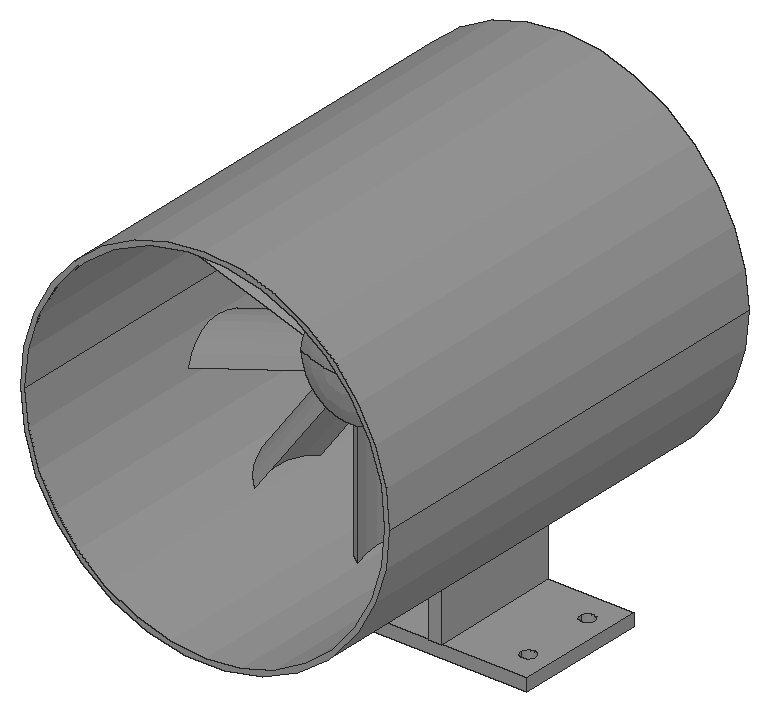
Revit family "Ducto", category Mechanical Equipment, Revit 2021
Family settings
  Round Connector Dimension = Use Diameter
  Classification = None
  Part Type = Normal
  Work Plane-Based = No
  Always vertical = Yes
  Cut with Voids When Loaded = No
  Shared = No
  Room Calculation Point = No
Parameters (values of type "Ducto-U Power Plus 150")
  Width = if(Fastening, K, D)  # 159 mm
  Weight = 1.30 kg
  Sound pressure level at 3 m distance = "41 dBA"
  Length = L  # 181.5 mm
  Height = if(Fastening, H, D)  # 160 mm
  Diameter = D  # 150 mm
  Default Elevation = 0 mm
  Description = "For round channels"  # constant formula
  Fastening = yes
  Manufacturer = "Blauberg"  # constant formula
  L2 = L1 + 12 mm  # 75.75 mm
  N = 54 mm  # constant formula
  L1 = (L - N) / 2  # 63.75 mm
  K2 = K - 18 mm  # 141 mm
  K1 = K / 4  # 39.75 mm
  H2 = H - H1 - 5 mm  # 80 mm
  Dyv = Dy - 5 mm  # 141 mm
  D = 150 mm
  L = 181.5 mm
  Voltage = if(Number of Fase = 3, 400 V, 230 V)  # 230 V
  URL = "https://blaubergventilatoren.de/uploads/download/ducto_2020_05_en.pdf"
  Pressure_Static_Air [instance] = 0.0 m³/h
  Power = 25 W
  Number of Fase = 1
  Maximum Air Flow = 375.0 m³/h
  Maintenance zone material = none
  Load Classification = "HVAC"
  K = 159 mm
  H1 = D / 2  # 75 mm
  H = 160 mm
  Frequency = 50 Hz
  Dy = D - 4 mm  # 146 mm
  Casing Material = Plastic, opaque, white
  Apparent Load = Voltage * Amperage  # 25.3 W
  Amperage = 0.11 A
  Air Flow [instance] = 0.0 m³/h
  09_System_Name [instance] = ""
  00_20_Type = "Ducto-U Power Plus 150"
  00_20_Name = "Axial fans"  # constant formula
  00_20_Manufacturer = "Blauberg"  # constant formula
Types (15, lengths in mm): name | Width | Weight | Sound pressure level at 3 m distance | Length | Height | Diameter | Fastening | L2 | L1 | K2 | K1 | H2 | Dyv | D | L | URL | Power | Maximum Air Flow | K | H1 | H | Dy | Apparent Load | Amperage | 00_20_Type
  (no name) | 159 | 1.30 kg | "41 dBA" | 181.5 | 160 | 150 | yes | 75.75 | 63.75 | 141 | 39.75 | 80 | 141 | 150 | 181.5 | "https://blaubergventilatoren.de/uploads/download/ducto_2020_05_en.pdf" | 25 W | 375.0 m³/h | 159 | 75 | 160 | 146 | 25.3 W | 0.11 A | "Ducto-U Power Plus 150"
  Ducto 100 | 100 | 0.61 kg | "25 dBA" | 137.5 | 100 | 100 | no | 53.75 | 41.75 | 141 | 39.75 | 54 | 91 | 100 | 137.5 | "https://blaubergventilatoren.de/en/series/ducto" | 7.5 W | 110.0 m³/h | 159 | 50 | 109 | 96 | 11.5 W | 0.05 A | "Ducto  100"
  Ducto 125 | 125 | 0.75 kg | "33 dBA" | 161.5 | 125 | 125 | no | 65.75 | 53.75 | 141 | 39.75 | 70.5 | 116 | 125 | 161.5 | "https://blaubergventilatoren.de/en/series/ducto" | 13 W | 215.0 m³/h | 159 | 62.5 | 138 | 121 | 20.7 W | 0.09 A | "Ducto 125"
  Ducto 150 | 150 | 1.30 kg | "39 dBA" | 181.5 | 150 | 150 | no | 75.75 | 63.75 | 141 | 39.75 | 80 | 141 | 150 | 181.5 | "https://blaubergventilatoren.de/en/series/ducto" | 22 W | 340.0 m³/h | 159 | 75 | 160 | 146 | 23 W | 0.1 A | "Ducto 150"
  Ducto-U 150 | 190 | 1.30 kg | "39 dBA" | 181.5 | 160 | 150 | yes | 75.75 | 63.75 | 172 | 47.5 | 80 | 141 | 150 | 181.5 | "https://blaubergventilatoren.de/uploads/download/ducto_2020_05_en.pdf" | 22 W | 340.0 m³/h | 190 | 75 | 160 | 146 | 23 W | 0.1 A | "Ducto-U 150"
  Ducto-U 100 | 160 | 0.61 kg | "25 dBA" | 137.5 | 109 | 100 | yes | 53.75 | 41.75 | 142 | 40 | 54 | 91 | 100 | 137.5 | "https://blaubergventilatoren.de/uploads/download/ducto_2020_05_en.pdf" | 7.5 W | 110.0 m³/h | 160 | 50 | 109 | 96 | 11.5 W | 0.05 A | "Ducto-U 100"
  Ducto-U 125 | 160 | 0.75 kg | "33 dBA" | 161.5 | 138 | 125 | yes | 65.75 | 53.75 | 142 | 40 | 70.5 | 116 | 125 | 161.5 | "https://blaubergventilatoren.de/uploads/download/ducto_2020_05_en.pdf" | 13 W | 215.0 m³/h | 160 | 62.5 | 138 | 121 | 20.7 W | 0.09 A | "Ducto-U 125"
  Ducto Plus 100 | 100 | 0.61 kg | "25 dBA" | 137.5 | 100 | 100 | no | 53.75 | 41.75 | 141 | 39.75 | 54 | 91 | 100 | 137.5 | "https://blaubergventilatoren.de/en/series/ducto" | 7.5 W | 110.0 m³/h | 159 | 50 | 109 | 96 | 11.5 W | 0.05 A | "Ducto Plus 100"
  Ducto Plus 125 | 125 | 0.75 kg | "33 dBA" | 161.5 | 125 | 125 | no | 65.75 | 53.75 | 141 | 39.75 | 70.5 | 116 | 125 | 161.5 | "https://blaubergventilatoren.de/en/series/ducto" | 13 W | 215.0 m³/h | 159 | 62.5 | 138 | 121 | 20.7 W | 0.09 A | "Ducto Plus 125"
  Ducto Plus 150 | 150 | 1.30 kg | "39 dBA" | 181.5 | 150 | 150 | no | 75.75 | 63.75 | 141 | 39.75 | 80 | 141 | 150 | 181.5 | "https://blaubergventilatoren.de/en/series/ducto" | 22 W | 340.0 m³/h | 159 | 75 | 160 | 146 | 23 W | 0.1 A | "Ducto Plus 150"
  Ducto Power Plus 150 | 150 | 1.30 kg | "41 dBA" | 181.5 | 150 | 150 | no | 75.75 | 63.75 | 141 | 39.75 | 80 | 141 | 150 | 181.5 | "https://blaubergventilatoren.de/en/series/ducto" | 25 W | 375.0 m³/h | 159 | 75 | 160 | 146 | 25.3 W | 0.11 A | "Ducto Power Plus 150"
  Ducto-U Plus 100 | 159 | 0.61 kg | "25 dBA" | 137.5 | 109 | 100 | yes | 53.75 | 41.75 | 141 | 39.75 | 54 | 91 | 100 | 137.5 | "https://blaubergventilatoren.de/uploads/download/ducto_2020_05_en.pdf" | 7.5 W | 110.0 m³/h | 159 | 50 | 109 | 96 | 11.5 W | 0.05 A | "Ducto-U Plus 100"
  Ducto-U Plus 125 | 159 | 0.75 kg | "33 dBA" | 161.5 | 138 | 125 | yes | 65.75 | 53.75 | 141 | 39.75 | 70.5 | 116 | 125 | 161.5 | "https://blaubergventilatoren.de/uploads/download/ducto_2020_05_en.pdf" | 13 W | 215.0 m³/h | 159 | 62.5 | 138 | 121 | 20.7 W | 0.09 A | "Ducto-U Plus 125"
  Ducto-U Plus 150 | 159 | 1.30 kg | "39 dBA" | 181.5 | 160 | 150 | yes | 75.75 | 63.75 | 141 | 39.75 | 80 | 141 | 150 | 181.5 | "https://blaubergventilatoren.de/uploads/download/ducto_2020_05_en.pdf" | 22 W | 340.0 m³/h | 159 | 75 | 160 | 146 | 23 W | 0.1 A | "Ducto-U Plus 150"
  Ducto-U Power Plus 150 | 159 | 1.30 kg | "41 dBA" | 181.5 | 160 | 150 | yes | 75.75 | 63.75 | 141 | 39.75 | 80 | 141 | 150 | 181.5 | "https://blaubergventilatoren.de/uploads/download/ducto_2020_05_en.pdf" | 25 W | 375.0 m³/h | 159 | 75 | 160 | 146 | 25.3 W | 0.11 A | "Ducto-U Power Plus 150"
Reference planes
  plane 1 "По центру (Вперед/Назад)": y = 0
  plane 2: z = 0
  plane 3 "По центру (Влево/Вправо)": x = 0
  plane 4: y = 181.5
  plane 5: z = 75
  plane 6: z = -85
Forms (mm)
  Extrusion 1, solid, material "Plastic, opaque, white" <- "Casing Material"
    sketch origin (0, 0, 0) x (1, 0, 0) y (0, 0, 1)
      loop
        circle (0, 0) r 75
      loop
        circle (0, 0) r 73
    from -181.5 to 0
  Extrusion 2, solid, material "Plastic, opaque, white" <- "Casing Material", visible <- "Fastening"
    sketch origin (0, 0, 0) x (1, 0, 0) y (0, 1, 0)
      loop
        line (-79.5, 63.75) -> (79.5, 63.75) -> (79.5, 117.75) -> (-79.5, 117.75) -> (-79.5, 63.75)
    from -80 to -85
  Extrusion 3, solid, material "Plastic, opaque, white" <- "Casing Material", visible <- "Fastening"
    sketch origin (0, 0, 0) x (1, 0, 0) y (0, 0, 1)
      loop
        line (-44.75, -80) -> (-39.75, -80) -> (-39.75, -63.6)
        arc (-39.75, -63.6) -> (-42.284, -61.944) -> (-44.75, -60.187) r 75
        line (-44.75, -60.187) -> (-44.75, -80)
      loop
        line (2.5, -80) -> (2.5, -74.958)
        arc (2.5, -74.958) -> (0, -75) -> (-2.5, -74.958) r 75
        line (-2.5, -74.958) -> (-2.5, -80) -> (2.5, -80)
      loop
        line (44.75, -80) -> (44.75, -60.187)
        arc (44.75, -60.187) -> (42.284, -61.944) -> (39.75, -63.6) r 75
        line (39.75, -63.6) -> (39.75, -80) -> (44.75, -80)
    from -117.75 to -63.75
  Extrusion 4, void
    sketch origin (0, 0, 0) x (1, 0, 0) y (0, 1, 0)
      loop
        circle (-70.5, 105.75) r 3
      loop
        circle (-70.5, 75.75) r 3
      loop
        circle (70.5, 105.75) r 3
      loop
        circle (70.5, 75.75) r 3
    from -80 to -85
Cuts and joins
  Extrusion 4 cuts Extrusion 2
Dimensions and locks
  "L": plane 1 "По центру (Вперед/Назад)" to Extrusion 1
  "L": plane 1 "По центру (Вперед/Назад)" to plane 4
  equal spacing: plane 1 "По центру (Вперед/Назад)", nested 1, plane 4
  "N": Extrusion 2 sketch curve to Extrusion 2 sketch curve
  equal spacing: Extrusion 2 sketch curve, plane 3 "По центру (Влево/Вправо)", Extrusion 2 sketch curve
  "K": Extrusion 2 sketch curve to Extrusion 2 sketch curve
  "H1": plane 5 to level
  locked: Extrusion 2 to Extrusion 2 at 5
  "L1": plane 1 "По центру (Вперед/Назад)" to Extrusion 2
  locked: Extrusion 3 sketch curve to Extrusion 3 sketch curve at 5  (x3)
  "H2": level to Extrusion 3 sketch curve  (x3)
  "K1": plane 3 "По центру (Влево/Вправо)" to Extrusion 3 sketch curve
  "K1": Extrusion 3 sketch curve to plane 3 "По центру (Влево/Вправо)"
  "N": Extrusion 3 to Extrusion 3
  "L1": Extrusion 3 to plane 4
  equal spacing: Extrusion 4 sketch curve, plane 3 "По центру (Влево/Вправо)", Extrusion 4 sketch curve  (x2)
  "K2": Extrusion 4 sketch curve to Extrusion 4 sketch curve  (x2)
  "L2": Extrusion 4 sketch curve to plane 4  (x2)
  "L2": plane 1 "По центру (Вперед/Назад)" to Extrusion 4 sketch curve  (x2)
  locked: Extrusion 4 to Extrusion 4 at 5
  "H": plane 5 to plane 6
  "D": diameter of Extrusion 1 sketch curve
  "Dy": diameter of Extrusion 1 sketch curve
  "D": diameter of Extrusion 3 sketch curve  (x3)
  aligned and locked: level to plane 2
  aligned and locked: level to nested 1
  aligned and locked: nested 1 to plane 3 "По центру (Влево/Вправо)"
  aligned and locked: plane 1 "По центру (Вперед/Назад)" to Extrusion 1
  aligned and locked: cut or joined group of Extrusion 2, Extrusion 4 to plane 6  (x2)
  aligned and locked: Extrusion 4 to plane 6
Automatic sketch dimensions
  Extrusion 1 sketch curve to Extrusion 1 sketch curve = 0 mm  (x2)
  Extrusion 1 sketch curve to level = 0 mm
  Extrusion 1 sketch curve to plane 3 "По центру (Влево/Вправо)" = 0 mm
  Extrusion 3 sketch curve to Extrusion 3 sketch curve = 0 mm  (x4)
  Extrusion 3 sketch curve to level = 0 mm
  Extrusion 3 sketch curve to plane 3 "По центру (Влево/Вправо)" = 0 mm
  Extrusion 3 sketch curve to plane 3 "По центру (Влево/Вправо)" = 2.5 mm
  Extrusion 2 sketch curve to plane 1 "По центру (Вперед/Назад)" = 63.75 mm
  radius of Extrusion 4 sketch curve = 3 mm  (x4)
Nested families
  nested 1: "fan" at (0, 106.75, 0) x (-1, 0, 0) z (0, -1, 0), type "fan"
Connectors
  hvac at (0, 181.5, 0), driven by "D"
    settings: on Extrusion 1, index 1, duct flow 0.0 m³/h, flow factor 0, pres drop 0.0 Pa, loss coef 0, conn angle 0.00°, conn width 304.8 mm, conn height 304.8 mm, conn diameter 150 mm, duct sys type 3, conn prof type 0, flow config 0, flow direction 2, loss method 0, conn ref index -1, conn util no, is conn primary yes, conn desc ""
  hvac at (0, 0, 0), driven by "D"
    settings: on Extrusion 1, index 3, duct flow 0.0 m³/h, flow factor 0, pres drop 0.0 Pa, loss coef 0, conn angle 0.00°, conn width 304.8 mm, conn height 304.8 mm, conn diameter 150 mm, duct sys type 3, conn prof type 0, flow config 0, flow direction 1, loss method 0, conn ref index -1, conn util no, is conn primary no, conn desc ""
  electrical at (0, 116.75, 0), driven by "Voltage", driven by "Apparent Load"
    settings: on nested 1, index 4, voltage 230 V, apparent load 25.3 W, apparent load phase1 0 W, apparent load phase2 0 W, apparent load phase3 0 W, power factor 1, load classification "Двигатель", number of poles 1, system type 30, power factor state 1, is connector primary yes, connector utility no, sub classification motor no, connector description ""
Definition of nested family "fan"
  Parameters (values of type "Вентилятор")
    Default Elevation = 0 mm
    Manufacturer = "Blauberg"  # constant formula
    n = 10
    R = Dy / 2  # 70.5 mm
    Dy = 141 mm
  Reference planes
    plane 1 "По центру (Вперед/Назад)": y = 0
    plane 2: z = 0
    plane 3 "По центру (Влево/Вправо)": x = 0
    plane 4: z = 16
  Forms (mm)
    Extrusion 1, solid
      sketch origin (5, 0, 0) x (1, 0, 0) y (0, 0, 1)
        loop
          arc (-1.417, 0) -> (-5.784, 15.673) -> (-3.327, 31.756) r 38.725
          arc (-3.327, 31.756) -> (-13.26, 17.281) -> (-10.167, 0) r 23.13
          line (-10.167, 0) -> (-1.417, 0)
      from 20.014 to 70.5 <- "R"
    Extrusion 2, solid
      sketch origin (4.045, -2.939, 0) x (0.809017, -0.587785, 0) y (0, 0, 1)
        loop
          arc (-1.417, 0) -> (-5.784, 15.673) -> (-3.327, 31.756) r 38.725
          arc (-3.327, 31.756) -> (-13.26, 17.281) -> (-10.167, 0) r 23.13
          line (-10.167, 0) -> (-1.417, 0)
      from 20.014 to 70.5 <- "R"
    Extrusion 3, solid
      sketch origin (4.045, 2.939, 0) x (0.809017, 0.587785, 0) y (0, 0, 1)
        loop
          arc (-1.417, 0) -> (-5.784, 15.673) -> (-3.327, 31.756) r 38.725
          arc (-3.327, 31.756) -> (-13.26, 17.281) -> (-10.167, 0) r 23.13
          line (-10.167, 0) -> (-1.417, 0)
      from 20.014 to 70.5 <- "R"
    Extrusion 4, solid
      sketch origin (1.545, 4.755, 0) x (0.309017, 0.951057, 0) y (0, 0, 1)
        loop
          arc (-1.417, 0) -> (-5.784, 15.673) -> (-3.327, 31.756) r 38.725
          arc (-3.327, 31.756) -> (-13.26, 17.281) -> (-10.167, 0) r 23.13
          line (-10.167, 0) -> (-1.417, 0)
      from 20.014 to 70.5 <- "R"
    Extrusion 5, solid
      sketch origin (-1.545, 4.755, 0) x (-0.309017, 0.951057, 0) y (0, 0, 1)
        loop
          arc (-1.417, 0) -> (-5.784, 15.673) -> (-3.327, 31.756) r 38.725
          arc (-3.327, 31.756) -> (-13.26, 17.281) -> (-10.167, 0) r 23.13
          line (-10.167, 0) -> (-1.417, 0)
      from 20.014 to 70.5 <- "R"
    Extrusion 6, solid
      sketch origin (-4.045, 2.939, 0) x (-0.809017, 0.587785, 0) y (0, 0, 1)
        loop
          arc (-1.417, 0) -> (-5.784, 15.673) -> (-3.327, 31.756) r 38.725
          arc (-3.327, 31.756) -> (-13.26, 17.281) -> (-10.167, 0) r 23.13
          line (-10.167, 0) -> (-1.417, 0)
      from 20.014 to 70.5 <- "R"
    Extrusion 7, solid
      sketch origin (-5, 0, 0) x (-1, 0, 0) y (0, 0, 1)
        loop
          arc (-1.417, 0) -> (-5.784, 15.673) -> (-3.327, 31.756) r 38.725
          arc (-3.327, 31.756) -> (-13.26, 17.281) -> (-10.167, 0) r 23.13
          line (-10.167, 0) -> (-1.417, 0)
      from 20.014 to 70.5 <- "R"
    Extrusion 8, solid
      sketch origin (-4.045, -2.939, 0) x (-0.809017, -0.587785, 0) y (0, 0, 1)
        loop
          arc (-1.417, 0) -> (-5.784, 15.673) -> (-3.327, 31.756) r 38.725
          arc (-3.327, 31.756) -> (-13.26, 17.281) -> (-10.167, 0) r 23.13
          line (-10.167, 0) -> (-1.417, 0)
      from 20.014 to 70.5 <- "R"
    Revolve 9, solid
      sketch origin (0, 0, 0) x (1, 0, 0) y (0, 0, 1)
        loop
          line (0, -8.555) -> (20, -8.555) -> (20, 33.086)
          arc (20, 33.086) -> (10.356, 37.118) -> (0, 38.543) r 40.436
          line (0, 38.543) -> (0, -8.555)
        axis (0, 38.543) -> (0, -8.555)
      angle from 0 to 360
    Extrusion 10, solid
      sketch origin (-1.545, -4.755, 0) x (-0.309017, -0.951057, 0) y (0, 0, 1)
        loop
          arc (-1.417, 0) -> (-5.784, 15.673) -> (-3.327, 31.756) r 38.725
          arc (-3.327, 31.756) -> (-13.26, 17.281) -> (-10.167, 0) r 23.13
          line (-10.167, 0) -> (-1.417, 0)
      from 20.014 to 70.5 <- "R"
    Extrusion 11, solid
      sketch origin (1.545, -4.755, 0) x (0.309017, -0.951057, 0) y (0, 0, 1)
        loop
          arc (-1.417, 0) -> (-5.784, 15.673) -> (-3.327, 31.756) r 38.725
          arc (-3.327, 31.756) -> (-13.26, 17.281) -> (-10.167, 0) r 23.13
          line (-10.167, 0) -> (-1.417, 0)
      from 20.014 to 70.5 <- "R"
    Extrusion 12, solid
      sketch origin (0, 0, 0) x (1, 0, 0) y (0, 1, 0)
        loop
          circle (0, 0) r 3
      from -10 to -8.555
  Dimensions and locks
    locked: level to plane 4 at 16
    aligned and locked: level to plane 2
    aligned and locked: Revolve 9 to Extrusion 12
  Automatic sketch dimensions
    Extrusion 1 sketch curve to Extrusion 1 sketch curve = 8.75 mm
    Extrusion 1 sketch curve to Extrusion 1 sketch curve = 10.768 mm
    Extrusion 1 sketch curve to Extrusion 1 sketch curve = 23.52 mm
    Extrusion 1 sketch curve to Extrusion 1 sketch curve = 12.411 mm
    Extrusion 1 sketch curve to Extrusion 1 sketch curve = 5.588 mm
    Extrusion 2 sketch curve to Extrusion 2 sketch curve = 8.75 mm
    Extrusion 2 sketch curve to Extrusion 2 sketch curve = 10.768 mm
    Extrusion 2 sketch curve to Extrusion 2 sketch curve = 23.52 mm
    Extrusion 2 sketch curve to Extrusion 2 sketch curve = 12.411 mm
    Extrusion 2 sketch curve to Extrusion 2 sketch curve = 5.588 mm
    Extrusion 3 sketch curve to Extrusion 3 sketch curve = 8.75 mm
    Extrusion 3 sketch curve to Extrusion 3 sketch curve = 10.768 mm
    Extrusion 3 sketch curve to Extrusion 3 sketch curve = 23.52 mm
    Extrusion 3 sketch curve to Extrusion 3 sketch curve = 12.411 mm
    Extrusion 3 sketch curve to Extrusion 3 sketch curve = 5.588 mm
    Extrusion 4 sketch curve to Extrusion 4 sketch curve = 8.75 mm
    Extrusion 4 sketch curve to Extrusion 4 sketch curve = 10.768 mm
    Extrusion 4 sketch curve to Extrusion 4 sketch curve = 23.52 mm
    Extrusion 4 sketch curve to Extrusion 4 sketch curve = 12.411 mm
    Extrusion 4 sketch curve to Extrusion 4 sketch curve = 5.588 mm
    Extrusion 5 sketch curve to Extrusion 5 sketch curve = 8.75 mm
    Extrusion 5 sketch curve to Extrusion 5 sketch curve = 10.768 mm
    Extrusion 5 sketch curve to Extrusion 5 sketch curve = 23.52 mm
    Extrusion 5 sketch curve to Extrusion 5 sketch curve = 12.411 mm
    Extrusion 5 sketch curve to Extrusion 5 sketch curve = 5.588 mm
    Extrusion 6 sketch curve to Extrusion 6 sketch curve = 8.75 mm
    Extrusion 6 sketch curve to Extrusion 6 sketch curve = 10.768 mm
    Extrusion 6 sketch curve to Extrusion 6 sketch curve = 23.52 mm
    Extrusion 6 sketch curve to Extrusion 6 sketch curve = 12.411 mm
    Extrusion 6 sketch curve to Extrusion 6 sketch curve = 5.588 mm
    Extrusion 7 sketch curve to Extrusion 7 sketch curve = 8.75 mm
    Extrusion 7 sketch curve to Extrusion 7 sketch curve = 10.768 mm
    Extrusion 7 sketch curve to Extrusion 7 sketch curve = 23.52 mm
    Extrusion 7 sketch curve to Extrusion 7 sketch curve = 12.411 mm
    Extrusion 7 sketch curve to Extrusion 7 sketch curve = 5.588 mm
    Extrusion 8 sketch curve to Extrusion 8 sketch curve = 8.75 mm
    Extrusion 8 sketch curve to Extrusion 8 sketch curve = 10.768 mm
    Extrusion 8 sketch curve to Extrusion 8 sketch curve = 23.52 mm
    Extrusion 8 sketch curve to Extrusion 8 sketch curve = 12.411 mm
    Extrusion 8 sketch curve to Extrusion 8 sketch curve = 5.588 mm
    Revolve 9 sketch curve to plane 3 "По центру (Влево/Вправо)" = 0 mm  (x2)
    Revolve 9 sketch curve to plane 3 "По центру (Влево/Вправо)" = 0.288 mm
    plane 3 "По центру (Влево/Вправо)" to Revolve 9 sketch curve = 20 mm
    Revolve 9 sketch curve to level = 8.555 mm
    Revolve 9 sketch curve to level = 1.892 mm
    level to Revolve 9 sketch curve = 33.086 mm
    Revolve 9 sketch curve to Revolve 9 sketch curve = 3.543 mm
    Revolve 9 sketch curve to Revolve 9 sketch curve = 1.457 mm
    Extrusion 10 sketch curve to Extrusion 10 sketch curve = 8.75 mm
    Extrusion 10 sketch curve to Extrusion 10 sketch curve = 10.768 mm
    Extrusion 10 sketch curve to Extrusion 10 sketch curve = 23.52 mm
    Extrusion 10 sketch curve to Extrusion 10 sketch curve = 12.411 mm
    Extrusion 10 sketch curve to Extrusion 10 sketch curve = 5.588 mm
    Extrusion 11 sketch curve to Extrusion 11 sketch curve = 8.75 mm
    Extrusion 11 sketch curve to Extrusion 11 sketch curve = 10.768 mm
    Extrusion 11 sketch curve to Extrusion 11 sketch curve = 23.52 mm
    Extrusion 11 sketch curve to Extrusion 11 sketch curve = 12.411 mm
    Extrusion 11 sketch curve to Extrusion 11 sketch curve = 5.588 mm
    plane 1 "По центру (Вперед/Назад)" to Extrusion 12 sketch curve = 0 mm
    Extrusion 12 sketch curve to plane 3 "По центру (Влево/Вправо)" = 0 mm
    radius of Extrusion 12 sketch curve = 3 mm
